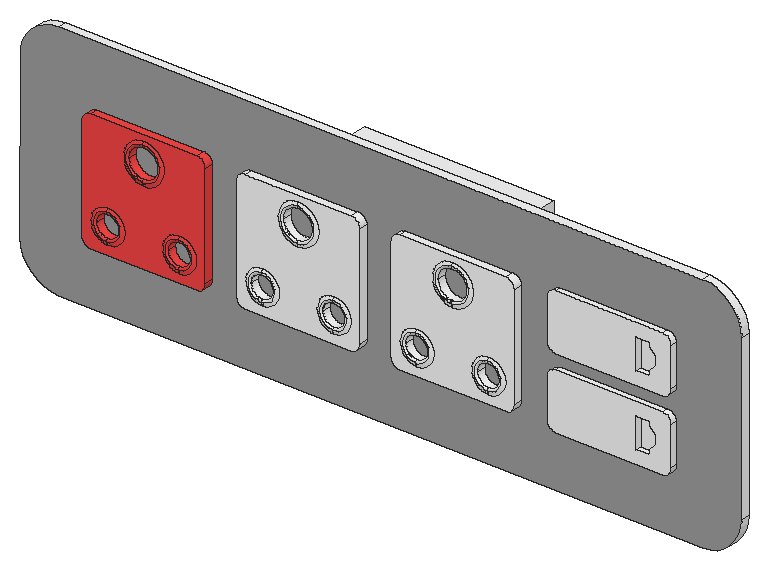
Revit family "EF_Veti-Omni-6", category Electrical Fixtures, Revit 2016
Family settings
  Maintain Annotation Orientation = No
  Part Type = Normal
  Round Connector Dimension = Use Diameter
  Work Plane-Based = No
  Always vertical = Yes
  Cut with Voids When Loaded = No
  Shared = No
  Room Calculation Point = No
Parameters (values of type "Omni 6")
  Voltage_x = 220 V
  URL for TCP = "http://www.tcpbim.co.za"
  URL = "http://www.major-tech.com/15-veti"
  Type Comments = "Plug Points"
  Switch Voltage = Voltage_x  # 220 V
  Omni 6 Height [instance] = 1200 mm
  Materials [instance] = 0 mm
  Manufacturer = "VETI"
  Made by = "Tolani Civil Projects cc"
  Load = 2860 VA
  Description = "Omni 6"
  Amperage = 16 A
Reference planes
  plane 1 "Center (Front/Back)": y = 0
  plane 2: z = 0
  plane 3 "Center (Left/Right)": x = 0
Forms (mm)
  Extrusion 1, solid, material "Plastic White"
    sketch origin (-181.105, 75, 0) x (1, 0, 0) y (0, 0, 1)
      loop
        arc (-6.395, 1340) -> (-22.305, 1333.41) -> (-28.895, 1317.5) r 22.5
        line (-28.895, 1317.5) -> (-28.895, 1222.5)
        arc (-28.895, 1222.5) -> (-22.305, 1206.59) -> (-6.395, 1200) r 22.5
        line (-6.395, 1200) -> (368.605, 1200)
        arc (368.605, 1200) -> (384.515, 1206.59) -> (391.105, 1222.5) r 22.5
        line (391.105, 1222.5) -> (391.105, 1317.5)
        arc (391.105, 1317.5) -> (384.515, 1333.41) -> (368.605, 1340) r 22.5
        line (368.605, 1340) -> (-6.395, 1340)
    from 75 to 80
  Extrusion 2, solid, material "Plastic White"
    sketch origin (-268.605, 0, 0) x (-1, 0, 0) y (0, 0, 1)
      loop
        line (-214.439, 1310) -> (-324.439, 1310) -> (-324.439, 1300) -> (-214.439, 1300) -> (-214.439, 1310)
    from 0 to 51.204
Cuts and joins
  joined: Extrusion 1, Extrusion 2
Dimensions and locks
  Extrusion 2 sketch curve to Extrusion 2 sketch curve to Extrusion 1 = 10 mm, 30 mm
  Extrusion 2 sketch curve to Extrusion 2 sketch curve = 110 mm
  cut or joined group of Extrusion 1, Extrusion 2 to cut or joined group of Extrusion 1, Extrusion 2 to cut or joined group of Extrusion 1, Extrusion 2 = 51.204 mm locked, 5 mm locked
  cut or joined group of Extrusion 1, Extrusion 2 to cut or joined group of Extrusion 1, Extrusion 2 = 110 mm
  locked: cut or joined group of Extrusion 1, Extrusion 2 to plane 1 "Center (Front/Back)"
  locked: cut or joined group of Extrusion 1, Extrusion 2 to plane 3 "Center (Left/Right)" at 55.833
  Extrusion 1 sketch curve to plane 3 "Center (Left/Right)" to Extrusion 1 sketch curve = 210 mm, 210 mm
  nested 6 to nested 4 to plane 3 "Center (Left/Right)" to nested 2 to nested 5 to nested 3 = 90 mm locked, 79.988 mm locked, 10.012 mm locked, 89.879 mm locked, 71.975 mm locked
  cut or joined group of Extrusion 1, Extrusion 2 to nested 2 to nested 5 to nested 3 to cut or joined group of Extrusion 1, Extrusion 2 = 35.329 mm locked, 30.82 mm locked, 8.49 mm locked, 65.361 mm locked
  cut or joined group of Extrusion 1, Extrusion 2 to nested 6 to nested 4 to cut or joined group of Extrusion 1, Extrusion 2 = 35.329 mm locked, 70.13 mm locked, 34.541 mm locked
  locked: cut or joined group of Extrusion 1, Extrusion 2 to cut or joined group of Extrusion 1, Extrusion 2 at 140
  "Omni 6 Height": cut or joined group of Extrusion 1, Extrusion 2 to level
  aligned and locked: level to plane 2
  aligned and locked: nested 1 to plane 1 "Center (Front/Back)"
  aligned and locked: cut or joined group of Extrusion 1, Extrusion 2 to nested 6
  aligned and locked: cut or joined group of Extrusion 1, Extrusion 2 to nested 4
  aligned and locked: cut or joined group of Extrusion 1, Extrusion 2 to nested 2
  aligned and locked: cut or joined group of Extrusion 1, Extrusion 2 to nested 5
  aligned and locked: cut or joined group of Extrusion 1, Extrusion 2 to nested 3
Automatic sketch dimensions
  Extrusion 1 sketch curve to plane 3 "Center (Left/Right)" = 187.5 mm
  level to Extrusion 1 sketch curve = 1200 mm
  Extrusion 1 sketch curve to Extrusion 1 sketch curve = 22.5 mm  (x3)
  Extrusion 1 sketch curve to Extrusion 1 sketch curve = 95 mm
  Extrusion 2 sketch curve to Extrusion 1 = 154.167 mm
  Extrusion 2 sketch curve to Extrusion 2 sketch curve = 110 mm
Nested families
  nested 1: "Power Point Test 1" at (0, 0, 0) x (-1, 0, 0) z (0, 0, 1), type "Receptacle Symbol"
  nested 2: "Plug Plate" at (45.879, -5, 189.212), type "Plug Plate"
  nested 3: "tel point" at (135.879, -5, 112.922), type "tel point"
  nested 4: "Plug Plate" at (-44.121, -5, 189.212), type "Plug Plate"
  nested 5: "tel point" at (135.879, -5, 154.188), type "tel point"
  nested 6: "Red Plug Plate" at (-134.121, -5, 189.212), type "Red Plug Plate"
Connectors
  electrical at (0.833, 25.602, 1310), driven by "Voltage_x", driven by "Load"
    settings: on cut or joined group of Extrusion 1, Extrusion 2, index 4, voltage 220 V, apparent load 0 VA, apparent load phase1 2860 VA, apparent load phase2 0 VA, apparent load phase3 0 VA, power factor 1, load classification "Other", number of poles 1, system type 31, power factor state 1, is connector primary yes, connector utility no, sub classification motor no, connector description ""
  electrical at (0.833, 25.602, 1310), driven by "Voltage_x", driven by "Load"
    settings: on cut or joined group of Extrusion 1, Extrusion 2, index 5, voltage 220 V, apparent load 0 VA, apparent load phase1 2860 VA, apparent load phase2 0 VA, apparent load phase3 0 VA, power factor 1, load classification "Other", number of poles 1, system type 31, power factor state 1, is connector primary no, connector utility no, sub classification motor no, connector description ""
  electrical at (0.833, 25.602, 1310), driven by "Voltage_x", driven by "Load"
    settings: on cut or joined group of Extrusion 1, Extrusion 2, index 6, voltage 220 V, apparent load 0 VA, apparent load phase1 2860 VA, apparent load phase2 0 VA, apparent load phase3 0 VA, power factor 1, load classification "Other", number of poles 1, system type 31, power factor state 1, is connector primary no, connector utility no, sub classification motor no, connector description ""
  electrical at (0.833, 25.602, 1310), driven by "Voltage_x", driven by "Load"
    settings: on cut or joined group of Extrusion 1, Extrusion 2, index 7, voltage 220 V, apparent load 0 VA, apparent load phase1 2860 VA, apparent load phase2 0 VA, apparent load phase3 0 VA, power factor 1, load classification "Other", number of poles 1, system type 31, power factor state 1, is connector primary no, connector utility no, sub classification motor no, connector description ""
Definition of nested family "Plug Plate"
  Reference planes
    plane 1 "Center (Front/Back)": y = 0
    plane 2: z = 0
    plane 3 "Center (Left/Right)": x = 0
    plane 4: x = 0
    plane 5: z = 1100.459
    plane 6: x = 20.867
    plane 7: x = -20.897
    plane 8: z = 1060.329
    plane 9: x = -35.867
    plane 10: x = 35.867
    plane 11 "Left": x = -20.897
    plane 12 "Right": x = 20.867
    plane 13: z = 1060.329
    plane 14: z = 1100.459
  Forms (mm)
    Extrusion 1, solid
      sketch origin (38.868, 0, -0.675) x (1, 0, 0) y (0, 0, 1)
        loop
          arc (-69.734, 1116.134) -> (-73.27, 1114.67) -> (-74.734, 1111.134) r 5
          line (-74.734, 1111.134) -> (-74.734, 1051.004)
          arc (-74.734, 1051.004) -> (-73.27, 1047.468) -> (-69.734, 1046.004) r 5
          line (-69.734, 1046.004) -> (-8.001, 1046.004)
          arc (-8.001, 1046.004) -> (-4.465, 1047.468) -> (-3.001, 1051.004) r 5
          line (-3.001, 1051.004) -> (-3.001, 1111.134)
          arc (-3.001, 1111.134) -> (-4.465, 1114.67) -> (-8.001, 1116.134) r 5
          line (-8.001, 1116.134) -> (-69.734, 1116.134)
        loop
          circle (-38.868, 1101.134) r 8.5
        loop
          circle (-59.764, 1061.004) r 6.5
        loop
          circle (-18.001, 1061.004) r 6.5
      from 5 to 0
    Revolve 2, solid
      sketch origin (-20.897, 0, 0) x (0, 0, -1) y (0, -1, 0)
        loop
          line (-1068.072, 5.593) -> (-1070.253, 4.968) -> (-1066.828, 4.968)
          arc (-1066.828, 4.968) -> (-1067.328, 5.524) -> (-1068.072, 5.593) r 1.027
        axis (-1060.329, 5.593) -> (-1060.329, 4.593)
      angle from 0 to 360
    Revolve 3, solid
      sketch origin (20.867, 0, 0) x (0, 0, -1) y (0, -1, 0)
        loop
          line (-1068.072, 5.593) -> (-1070.253, 4.968) -> (-1066.828, 4.968)
          arc (-1066.828, 4.968) -> (-1067.328, 5.524) -> (-1068.072, 5.593) r 1.027
        axis (-1060.329, 5.593) -> (-1060.329, 4.593)
      angle from 0 to 360
    Revolve 4, solid
      sketch origin (0, 0, 40.13) x (0, 0, -1) y (0, -1, 0)
        loop
          line (-1070.06, 5.593) -> (-1072.241, 4.968) -> (-1068.816, 4.968)
          arc (-1068.816, 4.968) -> (-1069.316, 5.524) -> (-1070.06, 5.593) r 1.027
        axis (-1060.329, 5.593) -> (-1060.329, 4.593)
      angle from 0 to 360
  Cuts and joins
    joined: Extrusion 1, Revolve 2, Revolve 3, Revolve 4
  Dimensions and locks
    aligned and locked: plane 2 to level
Definition of nested family "tel point"
  Reference planes
    plane 1 "Center (Front/Back)": y = 0
    plane 2: z = 0
    plane 3 "Center (Left/Right)": x = 0
    plane 4 "Face": y = -3.514
    plane 5: z = 1136.051
  Forms (mm)
    Extrusion 1, solid
      sketch origin (-1.754, 2.672, -0.197) x (1, 0, 0) y (0, 0, 1)
        loop
          arc (-29.234, 1152.636) -> (-32.77, 1151.171) -> (-34.234, 1147.636) r 5
          line (-34.234, 1147.636) -> (-34.234, 1124.86)
          arc (-34.234, 1124.86) -> (-32.77, 1121.324) -> (-29.234, 1119.86) r 5
          line (-29.234, 1119.86) -> (32.741, 1119.86)
          arc (32.741, 1119.86) -> (36.277, 1121.324) -> (37.741, 1124.86) r 5
          line (37.741, 1124.86) -> (37.741, 1147.636)
          arc (37.741, 1147.636) -> (36.277, 1151.171) -> (32.741, 1152.636) r 5
          line (32.741, 1152.636) -> (-29.234, 1152.636)
      from 6.186 to -0.453
    Extrusion 2, void
      sketch origin (0, 0, 0) x (1, 0, 0) y (0, 0, 1)
        loop
          line (23.352, 1144.76) -> (15.471, 1144.76) -> (15.471, 1127.131) -> (23.352, 1127.131) -> (23.352, 1129.889) -> (26.889, 1133.425) -> (26.889, 1138.676) -> (23.352, 1142.212) -> (23.352, 1144.76)
      from 0 to 3.974
  Cuts and joins
    Extrusion 2 cuts Extrusion 1
  Lines and regions (mm)
    model lines
      curve 1: line (-19.91, -3.514, 1142.76) -> (-14.182, -3.514, 1142.76)
      curve 2: line (-23.91, -3.514, 1133.341) -> (-23.91, -3.514, 1138.76)
      curve 3: line (-14.182, -3.514, 1129.341) -> (-19.91, -3.514, 1129.341)
      curve 4: line (-10.182, -3.514, 1138.76) -> (-10.182, -3.514, 1133.341)
      curve 5: arc (-23.91, -3.514, 1138.76) -> (-22.738, -3.514, 1141.589) -> (-19.91, -3.514, 1142.76) r 4
      curve 6: arc (-14.182, -3.514, 1142.76) -> (-11.353, -3.514, 1141.589) -> (-10.182, -3.514, 1138.76) r 4
      curve 7: arc (-19.91, -3.514, 1129.341) -> (-22.738, -3.514, 1130.512) -> (-23.91, -3.514, 1133.341) r 4
      curve 8: arc (-10.182, -3.514, 1133.341) -> (-11.353, -3.514, 1130.512) -> (-14.182, -3.514, 1129.341) r 4
      curve 9: arc (-20.008, -3.514, 1132.598) -> (-18.556, -3.514, 1136.808) -> (-14.663, -3.514, 1138.968) r 6.219
  Dimensions and locks
    aligned and locked: plane 2 to level
Definition of nested family "Red Plug Plate"
  Reference planes
    plane 1 "Center (Front/Back)": y = 0
    plane 2: z = 0
    plane 3 "Center (Left/Right)": x = 0
    plane 4: x = 0
    plane 5: z = 1100.459
    plane 6: x = 20.867
    plane 7: x = -20.897
    plane 8: z = 1060.329
    plane 9: x = -35.867
    plane 10: x = 35.867
    plane 11 "Left": x = -20.897
    plane 12 "Right": x = 20.867
    plane 13: z = 1060.329
    plane 14: z = 1100.459
  Forms (mm)
    Extrusion 1, solid
      sketch origin (38.868, 0, -0.675) x (1, 0, 0) y (0, 0, 1)
        loop
          arc (-69.734, 1116.134) -> (-73.27, 1114.67) -> (-74.734, 1111.134) r 5
          line (-74.734, 1111.134) -> (-74.734, 1051.004)
          arc (-74.734, 1051.004) -> (-73.27, 1047.468) -> (-69.734, 1046.004) r 5
          line (-69.734, 1046.004) -> (-8.001, 1046.004)
          arc (-8.001, 1046.004) -> (-4.465, 1047.468) -> (-3.001, 1051.004) r 5
          line (-3.001, 1051.004) -> (-3.001, 1111.134)
          arc (-3.001, 1111.134) -> (-4.465, 1114.67) -> (-8.001, 1116.134) r 5
          line (-8.001, 1116.134) -> (-69.734, 1116.134)
        loop
          circle (-38.868, 1101.134) r 8.5
        loop
          circle (-59.764, 1061.004) r 6.5
        loop
          circle (-18.001, 1061.004) r 6.5
      from 5 to 0
    Revolve 2, solid
      sketch origin (-20.897, 0, 0) x (0, 0, -1) y (0, -1, 0)
        loop
          line (-1068.072, 5.593) -> (-1070.253, 4.968) -> (-1066.828, 4.968)
          arc (-1066.828, 4.968) -> (-1067.328, 5.524) -> (-1068.072, 5.593) r 1.027
        axis (-1060.329, 5.593) -> (-1060.329, 4.593)
      angle from 0 to 360
    Revolve 3, solid
      sketch origin (20.867, 0, 0) x (0, 0, -1) y (0, -1, 0)
        loop
          line (-1068.072, 5.593) -> (-1070.253, 4.968) -> (-1066.828, 4.968)
          arc (-1066.828, 4.968) -> (-1067.328, 5.524) -> (-1068.072, 5.593) r 1.027
        axis (-1060.329, 5.593) -> (-1060.329, 4.593)
      angle from 0 to 360
    Revolve 4, solid
      sketch origin (0, 0, 40.13) x (0, 0, -1) y (0, -1, 0)
        loop
          line (-1070.06, 5.593) -> (-1072.241, 4.968) -> (-1068.816, 4.968)
          arc (-1068.816, 4.968) -> (-1069.316, 5.524) -> (-1070.06, 5.593) r 1.027
        axis (-1060.329, 5.593) -> (-1060.329, 4.593)
      angle from 0 to 360
  Cuts and joins
    joined: Extrusion 1, Revolve 2, Revolve 3, Revolve 4
  Dimensions and locks
    aligned and locked: plane 2 to level
Definition of nested family "Power Point Test 1"
  Parameters
    Plug Point Height = 1200 mm
  Reference planes
    plane 1: y = 0
    plane 2: x = 0
  Lines and regions (mm)
    Filled region 1, type "Filled region 1"
      outline origin (0, 0, 0) x (1, 0, 0) y (0, 1, 0)
        loop
          arc (-1.771, 3.921) -> (-2.478, 3.921) -> (-2.478, 3.214) r 0.5
          line (-2.478, 3.214) -> (-1.771, 3.921)
    Filled region 2, type "Filled region 1"
      outline origin (0, 0, 0) x (1, 0, 0) y (0, 1, 0)
        loop
          line (2.814, 3.546) -> (1.793, 3.546) -> (2.814, 2.524) -> (2.814, 3.546)
    detail lines
      curve 1: line (-0.442, -0.034, 0) -> (-0.442, 0.736, 0)
      curve 2: arc (1.505, 0.736, 0) -> (0.005, 2.236, 0) -> (-1.495, 0.736, 0) r 1.5
      curve 3: line (0.451, -0.034, 0) -> (0.451, 0.736, 0)
      curve 4: line (-1.495, 0.736, 0) -> (1.505, 0.736, 0)
      curve 5: line (0.005, 2.236, 0) -> (0.005, 0.736, 0)
      curve 6: line (-1.056, 1.797, 0) -> (-2.476, 3.217, 0)
      curve 7: line (-2.122, 2.863, 0) -> (-1.419, 3.566, 0)
      curve 8: line (-2.476, 3.217, 0) -> (-1.771, 3.921, 0)
      curve 9: line (-1.768, 2.509, 0) -> (-1.066, 3.212, 0)
      curve 10: arc (-1.771, 3.921, 0) -> (-2.478, 3.921, 0) -> (-2.478, 3.214, 0) r 0.5
      curve 11: line (1.065, 1.797, 0) -> (2.303, 3.035, 0)
      curve 12: line (2.814, 3.546, 0) -> (1.793, 3.546, 0)
      curve 13: line (2.814, 3.546, 0) -> (2.814, 2.524, 0)
      curve 14: line (1.793, 3.546, 0) -> (2.814, 2.524, 0)
  Text (mm)
    label "A" at (-0.666, 3.819, 0), shows "Plug Point Height"
    text "3" at (-0.841, 1.93, 0)
    text "D" at (0.271, 1.93, 0)
    text "5" at (1.754, 1.93, 0)
    text "(2x)" at (2.358, 2.024, 0)
  Dimensions and locks
    curve 1 to curve 3 = 0.893 mm
